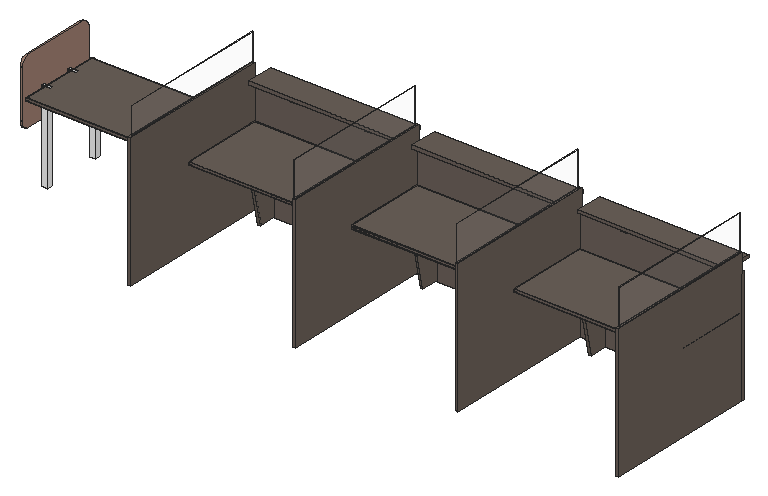
Revit family "OFS TYPICAL T200032", category Furniture, Revit 2022 (continued)
Definition of nested family "STAKS WORKSURFACE EDGE MODESTY TFL WOOD GRAIN AND TFL SOLID COLORS Round Corners"
  Dimensions and locks (in)
    equal spacing: plane 3 "LEFT", plane 8 "CENTER", plane 5 "RIGHT"
    equal spacing: plane 9, plane 2 "Center (Front/Back)", plane 7
    "Width": plane 3 "LEFT" to plane 5 "RIGHT"
    "Depth": plane 9 to plane 7
    aligned and locked: level to plane 1
    aligned and locked: Extrusion 1 sketch curve to plane 4 "BASE TOP"
    aligned and locked: plane 3 "LEFT" to Extrusion 1 sketch curve
    aligned and locked: Extrusion 1 sketch curve to plane 5 "RIGHT"
    aligned and locked: Extrusion 1 to plane 6
    aligned and locked: Extrusion 1 to plane 7
    aligned and locked: Extrusion 1 to plane 9
  Automatic sketch dimensions
    plane 3 "LEFT" to Extrusion 1 sketch curve = 0' - 3"  (x2)
    Extrusion 1 sketch curve to level = 0' - 0"
    Extrusion 1 sketch curve to plane 5 "RIGHT" = 0' - 3"  (x2)
Definition of nested family "STAKS BENCHING RECTANGULAR WORKSURFACES"
  Parameters (values of type "STAKS BENCHING RECTANGULAR WORKSURFACE 48 X 22")
    URL = "https://www.ofs.com/"
    SURFACE DEPTH = 1' - 10"
    Model = "6-MCT-48/22"
    Manufacturer = "OFS"
    Description = "OFS STAKS BENCHING 48 X 22 RECTANGULAR WORKSURFACE"
    SURFACE WIDTH = 4' - 0"
    Default Elevation = 0' - 0"
    Copyright © = "© 2018 OFS"
    Catalog = "https://ofs.com/products/open-plan/benching/staks"
    Authoring Version = "Autodesk Revit Architecture 2013"
    Assembly Code = "E2020200"
  Types (21): name | SURFACE DEPTH | Model | Description | SURFACE WIDTH
    STAKS BENCHING RECTANGULAR WORKSURFACE 48 X 22 | 1' - 10" | "6-MCT-48/22" | "OFS STAKS BENCHING 48 X 22 RECTANGULAR WORKSURFACE" | 4' - 0"
    STAKS BENCHING RECTANGULAR WORKSURFACE 60 X 22 | 1' - 10" | "6-MCT-60/22" | "OFS STAKS BENCHING 60 X 22 RECTANGULAR WORKSURFACE" | 5' - 0"
    STAKS BENCHING RECTANGULAR WORKSURFACE 72 X 22 | 1' - 10" | "6-MCT-72/22" | "OFS STAKS BENCHING 72 X 22 RECTANGULAR WORKSURFACE" | 6' - 0"
    STAKS BENCHING RECTANGULAR WORKSURFACE 60 X 36 | 3' - 0" | "6-MCT-60/36" | "OFS STAKS BENCHING 60 X 36 RECTANGULAR WORKSURFACE" | 5' - 0"
    STAKS BENCHING RECTANGULAR WORKSURFACE 72 X 36 | 3' - 0" | "6-MCT-72/36" | "OFS STAKS BENCHING 72 X 36 RECTANGULAR WORKSURFACE" | 6' - 0"
    STAKS BENCHING RECTANGULAR WORKSURFACE 60 X 30 | 2' - 6" | "6-MCT-60/30" | "OFS STAKS BENCHING 60 X 30 RECTANGULAR WORKSURFACE" | 5' - 0"
    STAKS BENCHING RECTANGULAR WORKSURFACE 72 X 30 | 2' - 6" | "6-MCT-72/30" | "OFS STAKS BENCHING 72 X 30 RECTANGULAR WORKSURFACE" | 6' - 0"
    STAKS BENCHING RECTANGULAR WORKSURFACE 48 X 30 | 2' - 6" | "6-MCT-48/30" | "OFS STAKS BENCHING 48 X 30 RECTANGULAR WORKSURFACE" | 4' - 0"
    STAKS BENCHING RECTANGULAR WORKSURFACE 48 X 36 | 3' - 0" | "6-MCT-48/36" | "OFS STAKS BENCHING 48 X 36 RECTANGULAR WORKSURFACE" | 4' - 0"
    STAKS BENCHING RECTANGULAR WORKSURFACE 54 X 22 | 1' - 10" | "6-MCT-54/22" | "OFS STAKS BENCHING 54 X 22 RECTANGULAR WORKSURFACE" | 4' - 6"
    STAKS BENCHING RECTANGULAR WORKSURFACE 66 X 22 | 1' - 10" | "6-MCT-66/22" | "OFS STAKS BENCHING 66 X 22 RECTANGULAR WORKSURFACE" | 5' - 6"
    STAKS BENCHING RECTANGULAR WORKSURFACE 78 X 22 | 1' - 10" | "6-MCT-78/22" | "OFS STAKS BENCHING 78 X 22 RECTANGULAR WORKSURFACE" | 6' - 6"
    STAKS BENCHING RECTANGULAR WORKSURFACE 84 X 22 | 1' - 10" | "6-MCT-84/22" | "OFS STAKS BENCHING 84 X 22 RECTANGULAR WORKSURFACE" | 7' - 0"
    STAKS BENCHING RECTANGULAR WORKSURFACE 54 X 30 | 2' - 6" | "6-MCT-54/30" | "OFS STAKS BENCHING 54 X 30 RECTANGULAR WORKSURFACE" | 4' - 6"
    STAKS BENCHING RECTANGULAR WORKSURFACE 66 X 30 | 2' - 6" | "6-MCT-66/30" | "OFS STAKS BENCHING 66 X 30 RECTANGULAR WORKSURFACE" | 5' - 6"
    STAKS BENCHING RECTANGULAR WORKSURFACE 78 X 30 | 2' - 6" | "6-MCT-78/30" | "OFS STAKS BENCHING 78 X 30 RECTANGULAR WORKSURFACE" | 6' - 6"
    STAKS BENCHING RECTANGULAR WORKSURFACE 84 X 30 | 2' - 6" | "6-MCT-84/30" | "OFS STAKS BENCHING 84 X 30 RECTANGULAR WORKSURFACE" | 7' - 0"
    STAKS BENCHING RECTANGULAR WORKSURFACE 54 X 36 | 3' - 0" | "6-MCT-54/36" | "OFS STAKS BENCHING 54 X 36 RECTANGULAR WORKSURFACE" | 4' - 6"
    STAKS BENCHING RECTANGULAR WORKSURFACE 66 X 36 | 3' - 0" | "6-MCT-66/36" | "OFS STAKS BENCHING 66 X 36 RECTANGULAR WORKSURFACE" | 5' - 6"
    STAKS BENCHING RECTANGULAR WORKSURFACE 78 X 36 | 3' - 0" | "6-MCT-78/36" | "OFS STAKS BENCHING 78 X 36 RECTANGULAR WORKSURFACE" | 6' - 6"
    STAKS BENCHING RECTANGULAR WORKSURFACE 84 X 36 | 3' - 0" | "6-MCT-84/36" | "OFS STAKS BENCHING 84 X 36 RECTANGULAR WORKSURFACE" | 6' - 6"
  Reference planes (in)
    plane 1: z = -0.125
    plane 2 "LEFT": x = 7.55498
    plane 3 "RIGHT": x = 55.55498
    plane 4 "BACK": y = -1.83365
    plane 5 "FRONT": y = -23.83365
    plane 6: x = 7.67998
    plane 7: x = 55.42998
    plane 8: y = -1.95865
    plane 9: y = -23.70865
    plane 10: z = 27.75
    plane 11 "SURFACE TOP": z = 28.875
  Forms (in)
    Extrusion 1, solid
      sketch origin (0, 0, 17.125) x (-1, 0, 0) y (0, -1, 0)
        loop
          line (-7.67998, 1.95865) -> (-7.67998, 23.70865) -> (-55.42998, 23.70865) -> (-55.42998, 1.95865) -> (-7.67998, 1.95865)
      from 11.75 to 10.625
    Sweep 2, solid
      path origin (0, 0, 28.875) x (0, 1, 0) y (-1, 0, 0)
        loop
          line (-23.83365, -7.55498) -> (-23.83365, -55.55498) -> (-1.83365, -55.55498) -> (-1.83365, -7.55498) -> (-23.83365, -7.55498)
      profile origin (31.55498, -23.83365, 28.875) x (0, 1, 0) y (0, 0, 1)
        loop
          arc (0.125, 0) -> (0.03661, -0.03661) -> (0, -0.125) r 0.125
          line (0, -0.125) -> (0, -1)
          arc (0, -1) -> (0.03661, -1.08839) -> (0.125, -1.125) r 0.125
          line (0.125, -1.125) -> (0.125, 0)
  Lines and regions (in)
    Masking region 1
      outline origin (0, 0, 16.625) x (-1, 0, 0) y (0, -1, 0)
        loop
          line (-7.67998, 1.95865) -> (-7.55498, 1.83365) -> (-7.55498, 23.83365) -> (-7.67998, 23.70865) -> (-7.67998, 1.95865)
    Masking region 2
      outline origin (0, 0, 16.625) x (-1, 0, 0) y (0, -1, 0)
        loop
          line (-7.55498, 1.83365) -> (-7.67998, 1.95865) -> (-55.42998, 1.95865) -> (-55.55498, 1.83365) -> (-7.55498, 1.83365)
    Masking region 3
      outline origin (0, 0, 16.625) x (-1, 0, 0) y (0, -1, 0)
        loop
          line (-55.55498, 1.83365) -> (-55.42998, 1.95865) -> (-55.42998, 23.70865) -> (-55.55498, 23.83365) -> (-55.55498, 1.83365)
    Masking region 4
      outline origin (0, 0, 16.625) x (-1, 0, 0) y (0, -1, 0)
        loop
          line (-55.55498, 23.83365) -> (-55.42998, 23.70865) -> (-7.67998, 23.70865) -> (-7.55498, 23.83365) -> (-55.55498, 23.83365)
    Masking region 5
      outline origin (0, 0, 16.625) x (-1, 0, 0) y (0, -1, 0)
        loop
          line (-55.42998, 23.70865) -> (-55.42998, 1.95865) -> (-7.67998, 1.95865) -> (-7.67998, 23.70865) -> (-55.42998, 23.70865)
  Dimensions and locks (in)
    "SURFACE DEPTH": plane 4 "BACK" to plane 5 "FRONT"
    "SURFACE WIDTH": plane 2 "LEFT" to plane 3 "RIGHT"
    locked: plane 11 "SURFACE TOP" to plane 10 at 1.125
    locked: plane 4 "BACK" to plane 8 at 0.125
    locked: plane 2 "LEFT" to plane 6 at 0.125
    locked: plane 7 to plane 3 "RIGHT" at 0.125
    locked: plane 9 to plane 5 "FRONT" at 0.125
    aligned: level to plane 1
    aligned and locked: plane 8 to Extrusion 1 sketch curve
    aligned and locked: Extrusion 1 sketch curve to plane 6
    aligned and locked: Extrusion 1 sketch curve to plane 9
    aligned and locked: plane 7 to Extrusion 1 sketch curve
    aligned and locked: plane 11 "SURFACE TOP" to Extrusion 1
    aligned and locked: Extrusion 1 to plane 10
    aligned and locked: Sweep 2 sketch curve to plane 5 "FRONT"
    aligned and locked: Sweep 2 sketch curve to plane 2 "LEFT"
    aligned and locked: plane 4 "BACK" to Sweep 2 sketch curve
    aligned and locked: plane 3 "RIGHT" to Sweep 2 sketch curve
  Automatic sketch dimensions
    Masking region 1 sketch curve to plane 6 = 0' - 0"
    Masking region 1 sketch curve to plane 2 "LEFT" = 0' - 0"
    Masking region 1 sketch curve to plane 4 "BACK" = 0' - 0"
    Masking region 1 sketch curve to plane 8 = 0' - 0"
    Masking region 1 sketch curve to plane 9 = 0' - 0"
    Masking region 1 sketch curve to plane 5 "FRONT" = 0' - 0"
    Masking region 2 sketch curve to plane 3 "RIGHT" = 0' - 0"
    Masking region 2 sketch curve to plane 7 = 0' - 0"
    Masking region 2 sketch curve to plane 6 = 0' - 0"
    Masking region 2 sketch curve to plane 2 "LEFT" = 0' - 0"
    Masking region 2 sketch curve to plane 4 "BACK" = 0' - 0"
    Masking region 2 sketch curve to plane 8 = 0' - 0"
    Masking region 3 sketch curve to plane 3 "RIGHT" = 0' - 0"
    Masking region 3 sketch curve to plane 7 = 0' - 0"
    Masking region 3 sketch curve to plane 4 "BACK" = 0' - 0"
    Masking region 3 sketch curve to plane 8 = 0' - 0"
    Masking region 3 sketch curve to plane 9 = 0' - 0"
    Masking region 3 sketch curve to plane 5 "FRONT" = 0' - 0"
    Masking region 4 sketch curve to plane 3 "RIGHT" = 0' - 0"
    Masking region 4 sketch curve to plane 7 = 0' - 0"
    Masking region 4 sketch curve to plane 6 = 0' - 0"
    Masking region 4 sketch curve to plane 2 "LEFT" = 0' - 0"
    Masking region 4 sketch curve to plane 9 = 0' - 0"
    Masking region 4 sketch curve to plane 5 "FRONT" = 0' - 0"
    Masking region 5 sketch curve to plane 7 = 0' - 0"
    Masking region 5 sketch curve to plane 6 = 0' - 0"
    Masking region 5 sketch curve to plane 8 = 0' - 0"
    Masking region 5 sketch curve to plane 9 = 0' - 0"
    Sweep 2 sketch curve to profile plane = 0' - 0"
    Sweep 2 sketch curve to plane 11 "SURFACE TOP" = 0' - 0"
    Sweep 2 sketch curve to profile plane = 0' - 0 1/8"
    Sweep 2 sketch curve to Sweep 2 sketch curve = 0' - 0 7/8"
Definition of nested family "STAKS SPINE OR DIVIDER WALL 42in"
  Parameters (values of type "STAKS SPINE OR DIVIDER WALL 42in X 24in")
    URL = "http://www.ofs.com/"
    Height Above Floor [instance] = 3' - 6"
    Height = 3' - 6"
    Depth = 0' - 1"
    Model = "6-PAN-42/24"
    Manufacturer = "OFS"
    Description = "OFS STAKS SPINE OR DIVIDER WALL 42\" Height x 24\" Width, Levelers allow 2.5\" Height Adjustability for Uneven Floor"
    Width = 2' - 0"
    Default Elevation = 0' - 0"
    Copyright © = "© 2018 OFS"
    Catalog = "https://ofs.com/products/casegoods/private-office/staks"
    Authoring Version = "Autodesk Revit Architecture 2013"
    Assembly Code = "E2020200"
  Types (19): name | Model | Description | Width
    STAKS SPINE OR DIVIDER WALL 42in X 24in | "6-PAN-42/24" | "OFS STAKS SPINE OR DIVIDER WALL 42\" Height x 24\" Width, Levelers allow 2.5\" Height Adjustability for Uneven Floor" | 2' - 0"
    STAKS SPINE OR DIVIDER WALL 42in X 33in | "6-PAN-42/33" | "OFS STAKS SPINE OR DIVIDER WALL 42\" Height x 33\" Width, Levelers allow 2.5\" Height Adjustability for Uneven Floor" | 2' - 9"
    STAKS SPINE OR DIVIDER WALL 42in X 26in | "6-PAN-42/26" | "OFS STAKS SPINE OR DIVIDER WALL 42\" Height x 26\" Width, Levelers allow 2.5\" Height Adjustability for Uneven Floor" | 2' - 2"
    STAKS SPINE OR DIVIDER WALL 42in X 30in | "6-PAN-42/30" | "OFS STAKS SPINE OR DIVIDER WALL 42\" Height x 30\" Width, Levelers allow 2.5\" Height Adjustability for Uneven Floor" | 2' - 6"
    STAKS SPINE OR DIVIDER WALL 42in X 36in | "6-PAN-42/36" | "OFS STAKS SPINE OR DIVIDER WALL 42\" Height x 36\" Width, Levelers allow 2.5\" Height Adjustability for Uneven Floor" | 3' - 0"
    STAKS SPINE OR DIVIDER WALL 42in X 37in | "6-PAN-42/37" | "OFS STAKS SPINE OR DIVIDER WALL 42\" Height x 37\" Width, Levelers allow 2.5\" Height Adjustability for Uneven Floor" | 3' - 1"
    STAKS SPINE OR DIVIDER WALL 42in X 39in | "6-PAN-42/39" | "OFS STAKS SPINE OR DIVIDER WALL 42\" Height x 39\" Width, Levelers allow 2.5\" Height Adjustability for Uneven Floor" | 3' - 3"
    STAKS SPINE OR DIVIDER WALL 42in X 40in | "6-PAN-42/40" | "OFS STAKS SPINE OR DIVIDER WALL 42\" Height x 40\" Width, Levelers allow 2.5\" Height Adjustability for Uneven Floor" | 3' - 4"
    STAKS SPINE OR DIVIDER WALL 42in X 42in | "6-PAN-42/42" | "OFS STAKS SPINE OR DIVIDER WALL 42\" Height x 42\" Width, Levelers allow 2.5\" Height Adjustability for Uneven Floor" | 3' - 6"
    STAKS SPINE OR DIVIDER WALL 42in X 44in | "6-PAN-42/44" | "OFS STAKS SPINE OR DIVIDER WALL 42\" Height x 44\" Width, Levelers allow 2.5\" Height Adjustability for Uneven Floor" | 3' - 8"
    STAKS SPINE OR DIVIDER WALL 42in X 45in | "6-PAN-42/45" | "OFS STAKS SPINE OR DIVIDER WALL 42\" Height x 45\" Width, Levelers allow 2.5\" Height Adjustability for Uneven Floor" | 3' - 9"
    STAKS SPINE OR DIVIDER WALL 42in X 47in | "6-PAN-42/47" | "OFS STAKS SPINE OR DIVIDER WALL 42\" Height x 47\" Width, Levelers allow 2.5\" Height Adjustability for Uneven Floor" | 3' - 11"
    STAKS SPINE OR DIVIDER WALL 42in X 48in | "6-PAN-42/48" | "OFS STAKS SPINE OR DIVIDER WALL 42\" Height x 48\" Width, Levelers allow 2.5\" Height Adjustability for Uneven Floor" | 4' - 0"
    STAKS SPINE OR DIVIDER WALL 42in X 49in | "6-PAN-42/49" | "OFS STAKS SPINE OR DIVIDER WALL 42\" Height x 49\" Width, Levelers allow 2.5\" Height Adjustability for Uneven Floor" | 4' - 1"
    STAKS SPINE OR DIVIDER WALL 42in X 52in | "6-PAN-42/52" | "OFS STAKS SPINE OR DIVIDER WALL 42\" Height x 52\" Width, Levelers allow 2.5\" Height Adjustability for Uneven Floor" | 4' - 4"
    STAKS SPINE OR DIVIDER WALL 42in X 54in | "6-PAN-42/54" | "OFS STAKS SPINE OR DIVIDER WALL 42\" Height x 54\" Width, Levelers allow 2.5\" Height Adjustability for Uneven Floor" | 4' - 6"
    STAKS SPINE OR DIVIDER WALL 42in X 56in | "6-PAN-42/56" | "OFS STAKS SPINE OR DIVIDER WALL 42\" Height x 56\" Width, Levelers allow 2.5\" Height Adjustability for Uneven Floor" | 4' - 8"
    STAKS SPINE OR DIVIDER WALL 42in X 58in | "6-PAN-42/58" | "OFS STAKS SPINE OR DIVIDER WALL 42\" Height x 58\" Width, Levelers allow 2.5\" Height Adjustability for Uneven Floor" | 4' - 10"
    STAKS SPINE OR DIVIDER WALL 42in X 59in | "6-PAN-42/59" | "OFS STAKS SPINE OR DIVIDER WALL 42\" Height x 59\" Width, Levelers allow 2.5\" Height Adjustability for Uneven Floor" | 4' - 11"
  Reference planes (in)
    plane 1: z = -0.125
    plane 2 "LEFT": x = 7.55498
    plane 3 "RIGHT": x = 31.55498
    plane 4 "BACK": y = -1.83365
    plane 5 "FRONT": y = -2.83365
    plane 6: x = 7.67998
    plane 7: x = 31.42998
    plane 8: y = -1.95865
    plane 9: y = -2.70865
    plane 10: z = -0.125
    plane 11 "SURFACE TOP": z = 41.875
  Forms (in)
    Extrusion 1, solid
      sketch origin (0, 0, 17.125) x (-1, 0, 0) y (0, -1, 0)
        loop
          line (-7.55498, 1.83365) -> (-7.55498, 2.83365) -> (-31.55498, 2.83365) -> (-31.55498, 1.83365) -> (-7.55498, 1.83365)
      from 24.75 to -17.25
  Lines and regions (in)
    symbolic lines
      curve 1: line (7.55498, -1.83365, 41.875) -> (31.55498, -1.83365, 41.875)
      curve 2: line (7.55498, -2.83365, 41.875) -> (7.55498, -1.83365, 41.875)
      curve 3: line (31.55498, -2.83365, 41.875) -> (7.55498, -2.83365, 41.875)
      curve 4: line (31.55498, -1.83365, 41.875) -> (31.55498, -2.83365, 41.875)
  Dimensions and locks (in)
    "Depth": plane 4 "BACK" to plane 5 "FRONT"
    "Width": plane 2 "LEFT" to plane 3 "RIGHT"
    "Height": plane 11 "SURFACE TOP" to plane 10
    locked: plane 4 "BACK" to plane 8 at 0.125
    locked: plane 2 "LEFT" to plane 6 at 0.125
    locked: plane 7 to plane 3 "RIGHT" at 0.125
    locked: plane 9 to plane 5 "FRONT" at 0.125
    "Height Above Floor": plane 11 "SURFACE TOP" to level
    aligned: level to plane 1
    aligned and locked: plane 11 "SURFACE TOP" to Extrusion 1
    aligned and locked: Extrusion 1 to plane 10
    aligned and locked: plane 4 "BACK" to Extrusion 1 sketch curve
    aligned and locked: Extrusion 1 sketch curve to plane 2 "LEFT"
    aligned and locked: Extrusion 1 sketch curve to plane 5 "FRONT"
    aligned and locked: plane 3 "RIGHT" to Extrusion 1 sketch curve
    aligned and locked: curve 1 to Extrusion 1
    aligned and locked: curve 2 to Extrusion 1
    aligned and locked: curve 3 to Extrusion 1
    aligned and locked: curve 4 to Extrusion 1
Definition of nested family "STAKS SPINE OR DIVIDER WALL 48in"
  Parameters (values of type "STAKS SPINE OR DIVIDER WALL 48in X 24in")
    URL = "http://www.ofs.com/"
    Height Above Floor [instance] = 4' - 0"
    Height = 4' - 0"
    Depth = 0' - 1"
    Model = "6-PAN-48/24"
    Manufacturer = "OFS"
    Description = "OFS STAKS SPINE OR DIVIDER WALL 48\" Height x 24\" Width, Levelers allow 2.5\" Height Adjustability for Uneven Floor"
    Width = 2' - 0"
    Default Elevation = 0' - 0"
    Copyright © = "© 2018 OFS"
    Catalog = "https://ofs.com/products/casegoods/private-office/staks"
    Authoring Version = "Autodesk Revit Architecture 2013"
    Assembly Code = "E2020200"
  Types (19): name | Model | Description | Width
    STAKS SPINE OR DIVIDER WALL 48in X 24in | "6-PAN-48/24" | "OFS STAKS SPINE OR DIVIDER WALL 48\" Height x 24\" Width, Levelers allow 2.5\" Height Adjustability for Uneven Floor" | 2' - 0"
    STAKS SPINE OR DIVIDER WALL 48in X 33in | "6-PAN-48/33" | "OFS STAKS SPINE OR DIVIDER WALL 48\" Height x 33\" Width, Levelers allow 2.5\" Height Adjustability for Uneven Floor" | 2' - 9"
    STAKS SPINE OR DIVIDER WALL 48in X 26in | "6-PAN-48/26" | "OFS STAKS SPINE OR DIVIDER WALL 48\" Height x 26\" Width, Levelers allow 2.5\" Height Adjustability for Uneven Floor" | 2' - 2"
    STAKS SPINE OR DIVIDER WALL 48in X 30in | "6-PAN-48/30" | "OFS STAKS SPINE OR DIVIDER WALL 48\" Height x 30\" Width, Levelers allow 2.5\" Height Adjustability for Uneven Floor" | 2' - 6"
    STAKS SPINE OR DIVIDER WALL 48in X 36in | "6-PAN-48/36" | "OFS STAKS SPINE OR DIVIDER WALL 48\" Height x 36\" Width, Levelers allow 2.5\" Height Adjustability for Uneven Floor" | 3' - 0"
    STAKS SPINE OR DIVIDER WALL 48in X 37in | "6-PAN-48/37" | "OFS STAKS SPINE OR DIVIDER WALL 48\" Height x 37\" Width, Levelers allow 2.5\" Height Adjustability for Uneven Floor" | 3' - 1"
    STAKS SPINE OR DIVIDER WALL 48in X 39in | "6-PAN-48/39" | "OFS STAKS SPINE OR DIVIDER WALL 48\" Height x 39\" Width, Levelers allow 2.5\" Height Adjustability for Uneven Floor" | 3' - 3"
    STAKS SPINE OR DIVIDER WALL 48in X 40in | "6-PAN-48/40" | "OFS STAKS SPINE OR DIVIDER WALL 48\" Height x 40\" Width, Levelers allow 2.5\" Height Adjustability for Uneven Floor" | 3' - 4"
    STAKS SPINE OR DIVIDER WALL 48in X 42in | "6-PAN-48/42" | "OFS STAKS SPINE OR DIVIDER WALL 48\" Height x 42\" Width, Levelers allow 2.5\" Height Adjustability for Uneven Floor" | 3' - 6"
    STAKS SPINE OR DIVIDER WALL 48in X 44in | "6-PAN-48/44" | "OFS STAKS SPINE OR DIVIDER WALL 48\" Height x 44\" Width, Levelers allow 2.5\" Height Adjustability for Uneven Floor" | 3' - 8"
    STAKS SPINE OR DIVIDER WALL 48in X 45in | "6-PAN-48/45" | "OFS STAKS SPINE OR DIVIDER WALL 48\" Height x 45\" Width, Levelers allow 2.5\" Height Adjustability for Uneven Floor" | 3' - 9"
    STAKS SPINE OR DIVIDER WALL 48in X 47in | "6-PAN-48/47" | "OFS STAKS SPINE OR DIVIDER WALL 48\" Height x 47\" Width, Levelers allow 2.5\" Height Adjustability for Uneven Floor" | 3' - 11"
    STAKS SPINE OR DIVIDER WALL 48in X 48in | "6-PAN-48/48" | "OFS STAKS SPINE OR DIVIDER WALL 48\" Height x 48\" Width, Levelers allow 2.5\" Height Adjustability for Uneven Floor" | 4' - 0"
    STAKS SPINE OR DIVIDER WALL 48in X 49in | "6-PAN-48/49" | "OFS STAKS SPINE OR DIVIDER WALL 48\" Height x 49\" Width, Levelers allow 2.5\" Height Adjustability for Uneven Floor" | 4' - 1"
    STAKS SPINE OR DIVIDER WALL 48in X 52in | "6-PAN-48/52" | "OFS STAKS SPINE OR DIVIDER WALL 48\" Height x 52\" Width, Levelers allow 2.5\" Height Adjustability for Uneven Floor" | 4' - 4"
    STAKS SPINE OR DIVIDER WALL 48in X 54in | "6-PAN-48/54" | "OFS STAKS SPINE OR DIVIDER WALL 48\" Height x 54\" Width, Levelers allow 2.5\" Height Adjustability for Uneven Floor" | 4' - 6"
    STAKS SPINE OR DIVIDER WALL 48in X 56in | "6-PAN-48/56" | "OFS STAKS SPINE OR DIVIDER WALL 48\" Height x 56\" Width, Levelers allow 2.5\" Height Adjustability for Uneven Floor" | 4' - 8"
    STAKS SPINE OR DIVIDER WALL 48in X 58in | "6-PAN-48/58" | "OFS STAKS SPINE OR DIVIDER WALL 48\" Height x 58\" Width, Levelers allow 2.5\" Height Adjustability for Uneven Floor" | 4' - 10"
    STAKS SPINE OR DIVIDER WALL 48in X 59in | "6-PAN-48/59" | "OFS STAKS SPINE OR DIVIDER WALL 48\" Height x 59\" Width, Levelers allow 2.5\" Height Adjustability for Uneven Floor" | 4' - 11"
  Reference planes (in)
    plane 1: z = -0.125
    plane 2 "LEFT": x = 7.55498
    plane 3 "RIGHT": x = 31.55498
    plane 4 "BACK": y = -1.83365
    plane 5 "FRONT": y = -2.83365
    plane 6: x = 7.67998
    plane 7: x = 31.42998
    plane 8: y = -1.95865
    plane 9: y = -2.70865
    plane 10: z = -0.125
    plane 11 "SURFACE TOP": z = 47.875
  Forms (in)
    Extrusion 1, solid
      sketch origin (0, 0, 17.125) x (-1, 0, 0) y (0, -1, 0)
        loop
          line (-7.55498, 1.83365) -> (-7.55498, 2.83365) -> (-31.55498, 2.83365) -> (-31.55498, 1.83365) -> (-7.55498, 1.83365)
      from 30.75 to -17.25
  Lines and regions (in)
    symbolic lines
      curve 1: line (7.55498, -1.83365, 47.875) -> (31.55498, -1.83365, 47.875)
      curve 2: line (7.55498, -2.83365, 47.875) -> (7.55498, -1.83365, 47.875)
      curve 3: line (31.55498, -2.83365, 47.875) -> (7.55498, -2.83365, 47.875)
      curve 4: line (31.55498, -1.83365, 47.875) -> (31.55498, -2.83365, 47.875)
  Dimensions and locks (in)
    "Depth": plane 4 "BACK" to plane 5 "FRONT"
    "Width": plane 2 "LEFT" to plane 3 "RIGHT"
    "Height": plane 11 "SURFACE TOP" to plane 10
    locked: plane 4 "BACK" to plane 8 at 0.125
    locked: plane 2 "LEFT" to plane 6 at 0.125
    locked: plane 7 to plane 3 "RIGHT" at 0.125
    locked: plane 9 to plane 5 "FRONT" at 0.125
    "Height Above Floor": plane 11 "SURFACE TOP" to level
    aligned: level to plane 1
    aligned and locked: plane 11 "SURFACE TOP" to Extrusion 1
    aligned and locked: Extrusion 1 to plane 10
    aligned and locked: plane 4 "BACK" to Extrusion 1 sketch curve
    aligned and locked: Extrusion 1 sketch curve to plane 2 "LEFT"
    aligned and locked: Extrusion 1 sketch curve to plane 5 "FRONT"
    aligned and locked: plane 3 "RIGHT" to Extrusion 1 sketch curve
    aligned and locked: curve 1 to Extrusion 1
    aligned and locked: curve 2 to Extrusion 1
    aligned and locked: curve 3 to Extrusion 1
    aligned and locked: curve 4 to Extrusion 1
Definition of nested family "OFS RANGE BRACKETS FOR WORKSURFACE EDGE MODESTY WOOD AND TFL PANEL"
  Parameters (values of type "BRACKETS FOR WORKSURFACE EDGE MODESTY Wood and TFL Panel")
    Width = 0' - 1"
    URL = "http://www.ofs.com/"
    Height from Floor = 2' - 6"
    Height = 0' - 2 1/2"
    Model = "WEBKT-2"
    Manufacturer = "CAROLINA"
    Description = "OFS CAROLINA RANGE BRACKETS FOR WORKSURFACE EDGE MODESTY Wood and TLF Panel, the Brackets are Not Visible from the Approach Side"
    Depth = 0' - 3 1/4"
    Default Elevation = 0' - 0"
    Copyright © = "© 2019 OFS"
    Catalog = "https://ofs.com/products/open-plan/benching/range"
    Authoring Version = "Autodesk Revit Architecture 2015"
    Assembly Code = "E2020200"
    Surface Material = none
  Reference planes (in)
    plane 1 "Center (Front/Back)": y = 0
    plane 2: z = 0
    plane 3 "Center (Left/Right)": x = 0
    plane 4: x = 0.5
    plane 5: x = -0.5
    plane 6: y = 0.25
    plane 7: y = -3
    plane 8: z = 30
    plane 9: z = 32.5
    plane 10: y = -1.25
  Forms (in)
    Extrusion 1, solid, material <- "Surface Material"
      sketch origin (0, 0, 0) x (0, 1, 0) y (0, 0, 1)
        loop
          line (0, 32.5) -> (-3, 32.5) -> (-3, 32.375) -> (-1.25, 32.375) -> (-1.25, 31.125) -> (-3, 31.125) -> (-3, 31) -> (-1.25, 31) -> (-1.25, 30) -> (0, 30) -> (0, 32.5)
        loop
          line (-0.125, 32.375) -> (-1.125, 32.375) -> (-1.125, 30.125) -> (-0.125, 30.125) -> (-0.125, 32.375)
      from -0.5 to 0.5
    Extrusion 2, void
      sketch origin (0, 0, 0) x (1, 0, 0) y (0, 0, 1)
        loop
          circle (0, 30.5625) r 0.1875
        loop
          circle (0, 31.6875) r 0.1875
      from 0.83423 to 1.60927
    Extrusion 3, solid, material <- "Surface Material"
      sketch origin (0, 0, 0) x (1, 0, 0) y (0, 0, 1)
        loop
          circle (0, 30.5625) r 0.0625
        loop
          circle (0, 31.6875) r 0.0625
      from 0 to -0.25
    Extrusion 4, solid, material <- "Surface Material"
      sketch origin (0, 0, 0) x (1, 0, 0) y (0, 1, 0)
        loop
          circle (0, -2.15157) r 0.125
      from 31.125 to 31.5
  Cuts and joins
    Extrusion 2 cuts Extrusion 1
  Dimensions and locks (in)
    equal spacing: plane 5, plane 3 "Center (Left/Right)", plane 4
    "Width": plane 5 to plane 4
    plane 1 "Center (Front/Back)" to plane 7 = 0' - 3"
    "Height": plane 9 to plane 8
    "Height from Floor": plane 8 to level
    plane 1 "Center (Front/Back)" to plane 6 = 0' - 0 1/4"
    aligned and locked: level to plane 2
    aligned and locked: plane 9 to Extrusion 1 sketch curve
    aligned and locked: Extrusion 1 sketch curve to plane 1 "Center (Front/Back)"
    aligned and locked: Extrusion 1 sketch curve to plane 8
    aligned and locked: plane 10 to Extrusion 1 sketch curve
    aligned and locked: Extrusion 1 sketch curve to plane 7
    aligned and locked: plane 5 to Extrusion 1
    aligned and locked: plane 4 to Extrusion 1
    aligned and locked: Extrusion 3 to plane 1 "Center (Front/Back)"
    aligned and locked: plane 6 to Extrusion 3
  Automatic sketch dimensions
    Extrusion 1 sketch curve to plane 10 = 0' - 0"
    plane 8 to Extrusion 1 sketch curve = 0' - 0 1/8"
    Extrusion 1 sketch curve to plane 7 = 0' - 0"
    Extrusion 1 sketch curve to plane 10 = 0' - 0 1/8"
    plane 1 "Center (Front/Back)" to Extrusion 1 sketch curve = 0' - 0 1/8"
    Extrusion 1 sketch curve to Extrusion 1 sketch curve = 0' - 0 7/8"
    Extrusion 1 sketch curve to Extrusion 1 sketch curve = 0' - 0 1/8"
    Extrusion 1 sketch curve to plane 9 = 0' - 0 1/8"  (x2)
    Extrusion 2 sketch curve to plane 3 "Center (Left/Right)" = 0' - 0"  (x2)
    plane 8 to Extrusion 2 sketch curve = 0' - 0 9/16"
    Extrusion 2 sketch curve to plane 9 = 0' - 0 13/16"
    Extrusion 3 sketch curve to plane 3 "Center (Left/Right)" = 0' - 0"  (x2)
    plane 8 to Extrusion 3 sketch curve = 0' - 0 9/16"
    Extrusion 3 sketch curve to plane 9 = 0' - 0 13/16"
    Extrusion 4 sketch curve to plane 3 "Center (Left/Right)" = 0' - 0"
    Extrusion 4 sketch curve to plane 7 = 0' - 0.84843"
    radius of Extrusion 2 sketch curve = 0' - 0 3/16"  (x2)
    radius of Extrusion 3 sketch curve = 0' - 0 1/16"  (x2)
    radius of Extrusion 4 sketch curve = 0' - 0 1/8"
Definition of nested family "STAKS BENCHING CANTILEVER WORKSURFACE BRACKET - MINI CONCEALED"
  Parameters (values of type "STAKS CANTILEVER WORKSURFACE BRACKET - MINI CONCEALED")
    Width = 0' - 1 1/2"
    URL = "http://www.ofs.com/"
    Model = "WSBKTC"
    Manufacturer = "OFS"
    Height From Floor = 2' - 3 7/8"
    Height = 0' - 3 1/2"
    Description = "OFS STAKS BENCHING CANTILEVER WORKSURFACE BRACKET - Low Profile Concealed Cantilever Bracket"
    Depth = 0' - 3 1/2"
    Default Elevation = 0' - 0"
    Copyright © = "© 2018 OFS"
    Catalog = "https://ofs.com/products/open-plan/benching/staks"
    Bracket Material = none
    Authoring Version = "Autodesk Revit Architecture 2013"
    Assembly Code = "E2020200"
  Reference planes (in)
    plane 1: z = 0
    plane 2 "Center (Front/Back)": y = 1.12535
    plane 3 "LEFT": x = -17.25
    plane 4 "BASE TOP": z = 27.875
    plane 5 "RIGHT": x = -15.75
    plane 6: z = 24.375
    plane 7: y = 2.87535
    plane 8 "CENTER": x = -16.5
    plane 9: y = -0.62465
    plane 10: z = 26.875
    plane 11: y = 1.87535
    plane 12: z = 24.875
    plane 13: y = -0.12465
    plane 14: x = -16.375
    plane 15: x = -16.625
    plane 16: y = 0.50035
  Forms (in)
    Extrusion 1, solid, material <- "Bracket Material"
      sketch origin (-16.5, 0, 0) x (0, 1, 0) y (0, 0, 1)
        loop
          line (-0.62465, 27.875) -> (-0.62465, 27.82031) -> (1.8527, 27.82031) -> (2.82066, 26.85235) -> (2.82066, 24.375) -> (2.87535, 24.375) -> (2.87535, 26.875) -> (1.87535, 27.875) -> (-0.62465, 27.875)
      from -0.75 to 0.75
    Extrusion 2, void
      sketch origin (0, 1.12535, 0) x (1, 0, 0) y (0, 0, 1)
        loop
          circle (-16.99183, 26.15668) r 0.09375
        loop
          circle (-16.00817, 25.13628) r 0.09375
      from -1.75 to -1.1009
    Extrusion 3, void
      sketch origin (0, 0, 0) x (1, 0, 0) y (0, 1, 0)
        loop
          circle (-16.93617, 1.09413) r 0.09375
        loop
          circle (-16.06383, -0.12462) r 0.09375
      from 25.0365 to 29.23009
  Cuts and joins
    Extrusion 2, Extrusion 3 cuts Extrusion 1
  Dimensions and locks (in)
    "Height From Floor": plane 4 "BASE TOP" to plane 1
    "Height": plane 4 "BASE TOP" to plane 6
    equal spacing: plane 3 "LEFT", plane 8 "CENTER", plane 5 "RIGHT"
    equal spacing: plane 9, plane 2 "Center (Front/Back)", plane 7
    "Width": plane 3 "LEFT" to plane 5 "RIGHT"
    "Depth": plane 9 to plane 7
    locked: plane 4 "BASE TOP" to plane 10 at 1
    locked: plane 7 to plane 11 at 1
    locked: plane 13 to plane 9 at 0.5
    locked: plane 6 to plane 12 at 0.5
    plane 14 to plane 8 "CENTER" to plane 15 = 0' - 0 1/8" locked, 0' - 0 1/8" locked
    plane 16 to plane 13 = 0' - 0 5/8"
    aligned and locked: level to plane 1
    aligned and locked: plane 4 "BASE TOP" to Extrusion 1 sketch curve
    aligned and locked: plane 7 to Extrusion 1 sketch curve
    aligned and locked: plane 9 to Extrusion 1 sketch curve
    aligned and locked: plane 6 to Extrusion 1 sketch curve
    aligned and locked: Extrusion 1 to plane 3 "LEFT"
    aligned and locked: plane 5 "RIGHT" to Extrusion 1
    aligned and locked: Extrusion 2 to plane 7
  Automatic sketch dimensions
    plane 7 to Extrusion 1 sketch curve = 0' - 0 7/128"
    Extrusion 1 sketch curve to plane 11 = 0' - 0"
    plane 10 to Extrusion 1 sketch curve = 0' - 0"
    plane 11 to Extrusion 1 sketch curve = 0' - 0.02265"
    plane 10 to Extrusion 1 sketch curve = 0' - 0.02265"
    plane 4 "BASE TOP" to Extrusion 1 sketch curve = 0' - 0 7/128"
    Extrusion 3 sketch curve to Extrusion 3 sketch curve = 0' - 1 7/32"
    plane 3 "LEFT" to Extrusion 2 sketch curve = 0' - 0.25817"
    Extrusion 2 sketch curve to plane 5 "RIGHT" = 0' - 0.25817"
    Extrusion 2 sketch curve to plane 12 = 0' - 0.26128"
    Extrusion 2 sketch curve to Extrusion 2 sketch curve = 0' - 1.0204"
    plane 15 to Extrusion 3 sketch curve = 0' - 0.31117"
    plane 14 to Extrusion 3 sketch curve = 0' - 0.31117"
    Extrusion 3 sketch curve to plane 9 = 0' - 0.50003"
    radius of Extrusion 3 sketch curve = 0' - 0 3/32"  (x2)
    radius of Extrusion 2 sketch curve = 0' - 0 3/32"  (x2)
Definition of nested family "STAKS BENCHING CANTILEVER WORKSURFACE BRACKET - OPEN"
  Parameters (values of type "STAKS CANTILEVER WORKSURFACE BRACKET - OPEN 36in")
    Width = 0' - 1 1/2"
    URL = "http://www.ofs.com/"
    Model = "OWSBKT36"
    Manufacturer = "OFS"
    Height From Floor = 2' - 3 7/8"
    Height = 0' - 7"
    Description = "OFS STAKS BENCHING CANTILEVER WORKSURFACE BRACKET - Open Cantilever Worksurface Bracket for 36\"W Top"
    Depth = 2' - 4"
    Default Elevation = 0' - 0"
    Copyright © = "© 2018 OFS"
    Catalog = "https://ofs.com/products/open-plan/benching/staks"
    Bracket Material = none
    Authoring Version = "Autodesk Revit Architecture 2013"
    Assembly Code = "E2020200"
    Alpha = 0' - 1"
  Types (4): name | URL | Model | Manufacturer | Description | Depth | Copyright © | Catalog | Alpha
    CANTILEVER WORKSURFACE BRACKET - OPEN 14in | "http://www.ofsbrands.com/" | "OWSBKT14" | "FIRST OFFICE" | "OFS BRANDS FIRST OFFICE STAKS BENCHING CANTILEVER WORKSURFACE BRACKET - Open Cantilever Worksurface Bracket for 14\"W Top" | 0' - 11" | "© 2018 OFS BRANDS" | "http://www.firstoffice.com/products/crossover/staks_benching/" | 0' - 0 1/2"
    CANTILEVER WORKSURFACE BRACKET - OPEN 22in | "http://www.ofsbrands.com/" | "OWSBKT22" | "FIRST OFFICE" | "OFS BRANDS FIRST OFFICE STAKS BENCHING CANTILEVER WORKSURFACE BRACKET - Open Cantilever Worksurface Bracket for 22\"W Top" | 1' - 4" | "© 2018 OFS BRANDS" | "http://www.firstoffice.com/products/crossover/staks_benching/" | 0' - 0 5/8"
    CANTILEVER WORKSURFACE BRACKET - OPEN 30in | "http://www.ofsbrands.com/" | "OWSBKT30" | "FIRST OFFICE" | "OFS BRANDS FIRST OFFICE STAKS BENCHING CANTILEVER WORKSURFACE BRACKET - Open Cantilever Worksurface Bracket for 30\"W Top" | 1' - 10" | "© 2018 OFS BRANDS" | "http://www.firstoffice.com/products/crossover/staks_benching/" | 0' - 0 7/8"
    STAKS CANTILEVER WORKSURFACE BRACKET - OPEN 36in | "http://www.ofs.com/" | "OWSBKT36" | "OFS" | "OFS STAKS BENCHING CANTILEVER WORKSURFACE BRACKET - Open Cantilever Worksurface Bracket for 36\"W Top" | 2' - 4" | "© 2018 OFS" | "https://ofs.com/products/open-plan/benching/staks" | 0' - 1"
  Reference planes (in)
    plane 1: z = 0
    plane 2 "Center (Front/Back)": y = -11.12465
    plane 3 "LEFT": x = -17.25
    plane 4 "BASE TOP": z = 27.875
    plane 5 "RIGHT": x = -15.75
    plane 6: z = 20.875
    plane 7: y = 2.87535
    plane 8 "CENTER": x = -16.5
    plane 9: y = -25.12465
    plane 10: z = 25.875
    plane 11: y = 0.87535
    plane 12: z = 21.375
    plane 13: y = -24.62465
    plane 14: x = -16.375
    plane 15: x = -16.625
    plane 16: y = -23.62465
  Forms (in)
    Extrusion 1, solid, material <- "Bracket Material"
      sketch origin (-16.5, 0, 0) x (0, 1, 0) y (0, 0, 1)
        loop
          line (-25.12465, 27.875) -> (-25.12465, 27.82031) -> (0.8527, 27.82031) -> (2.82066, 25.85235) -> (2.82066, 20.875) -> (2.87535, 20.875) -> (2.87535, 25.875) -> (0.87535, 27.875) -> (-25.12465, 27.875)
      from -0.75 to 0.75
    Extrusion 2, solid
      sketch origin (-16.5, 0, 0) x (0, 1, 0) y (0, 0, 1)
        loop
          line (2.82066, 21.375) -> (2.82066, 21.66876) -> (-23.62465, 27.82031) -> (-24.62465, 27.82031) -> (2.82066, 21.375)
      from -0.125 to 0.125
    Extrusion 3, void
      sketch origin (0, -11.12465, 0) x (1, 0, 0) y (0, 0, 1)
        loop
          circle (-16.99183, 23.37543) r 0.09375
        loop
          circle (-16.99183, 25.56923) r 0.09375
        loop
          circle (-16.99183, 21.18077) r 0.09375
        loop
          line (-16.10192, 24.58008) -> (-16.10192, 24.41381)
          arc (-16.10192, 24.41381) -> (-16.00817, 24.32006) -> (-15.91442, 24.41381) r 0.09375
          line (-15.91442, 24.41381) -> (-15.91442, 24.58008)
          arc (-15.91442, 24.58008) -> (-16.00817, 24.67383) -> (-16.10192, 24.58008) r 0.09375
        loop
          arc (-16.10192, 22.16992) -> (-16.00817, 22.07617) -> (-15.91442, 22.16992) r 0.09375
          line (-15.91442, 22.16992) -> (-15.91442, 22.33619)
          arc (-15.91442, 22.33619) -> (-16.00817, 22.42994) -> (-16.10192, 22.33619) r 0.09375
          line (-16.10192, 22.33619) -> (-16.10192, 22.16992)
      from -14 to -3.47735
    Extrusion 4, void
      sketch origin (0, 0, 0) x (1, 0, 0) y (0, 1, 0)
        loop
          circle (-16.93617, 0.25038) r 0.09375
        loop
          circle (-16.06383, -1.74962) r 0.09375
        loop
          circle (-16.93617, -3.74962) r 0.09375
        loop
          circle (-16.06383, -5.74962) r 0.09375
        loop
          circle (-16.93617, -7.74962) r 0.09375
        loop
          circle (-16.06383, -9.74962) r 0.09375
        loop
          circle (-16.93617, -11.74962) r 0.09375
        loop
          circle (-16.06383, -13.74962) r 0.09375
        loop
          circle (-16.93617, -15.74962) r 0.09375
        loop
          circle (-16.06383, -17.74962) r 0.09375
        loop
          circle (-16.93617, -19.74962) r 0.09375
        loop
          circle (-16.06383, -21.74962) r 0.09375
        loop
          circle (-16.93617, -23.74962) r 0.09375
        loop
          circle (-16.06383, -25.74962) r 0.09375
        loop
          circle (-16.93617, -27.74962) r 0.09375
        loop
          circle (-16.06383, -29.74962) r 0.09375
      from 25.0365 to 29.23009
    Extrusion 5, void, not visible
      sketch origin (0, 0, 0) x (1, 0, 0) y (0, 1, 0)
        loop
          circle (-16.93617, 0.25038) r 0.09375
        loop
          circle (-16.06383, -1.74962) r 0.09375
        loop
          circle (-16.93617, -3.74962) r 0.09375
        loop
          circle (-16.06383, -5.74962) r 0.09375
        loop
          circle (-16.93617, -7.74962) r 0.09375
        loop
          circle (-16.06383, -9.74962) r 0.09375
        loop
          circle (-16.93617, -11.74962) r 0.09375
        loop
          circle (-16.06383, -13.74962) r 0.09375
        loop
          circle (-16.93617, -15.74962) r 0.09375
        loop
          circle (-16.06383, -17.74962) r 0.09375
        loop
          circle (-16.93617, -19.74962) r 0.09375
        loop
          circle (-16.06383, -21.74962) r 0.09375
        loop
          circle (-16.93617, -23.74962) r 0.09375
        loop
          circle (-16.06383, -25.74962) r 0.09375
        loop
          circle (-16.93617, -27.74962) r 0.09375
        loop
          circle (-16.06383, -29.74962) r 0.09375
      from 25.0365 to 29.23009
  Cuts and joins
    Extrusion 3, Extrusion 4 cuts Extrusion 1
  Dimensions and locks (in)
    "Height From Floor": plane 4 "BASE TOP" to plane 1
    "Height": plane 4 "BASE TOP" to plane 6
    equal spacing: plane 3 "LEFT", plane 8 "CENTER", plane 5 "RIGHT"
    equal spacing: plane 9, plane 2 "Center (Front/Back)", plane 7
    "Width": plane 3 "LEFT" to plane 5 "RIGHT"
    "Depth": plane 9 to plane 7
    locked: plane 4 "BASE TOP" to plane 10 at 2
    locked: plane 7 to plane 11 at 2
    locked: plane 13 to plane 9 at 0.5
    locked: plane 6 to plane 12 at 0.5
    plane 14 to plane 8 "CENTER" to plane 15 = 0' - 0 1/8" locked, 0' - 0 1/8" locked
    "Alpha": plane 16 to plane 13
    aligned and locked: level to plane 1
    aligned and locked: Extrusion 1 sketch curve to plane 4 "BASE TOP"
    aligned and locked: plane 7 to Extrusion 1 sketch curve
    aligned and locked: plane 9 to Extrusion 1 sketch curve
    aligned and locked: plane 6 to Extrusion 1 sketch curve
    aligned and locked: Extrusion 1 to plane 3 "LEFT"
    aligned and locked: plane 5 "RIGHT" to Extrusion 1
    aligned and locked: Extrusion 2 sketch curve to Extrusion 1
    aligned and locked: plane 15 to Extrusion 2
    aligned and locked: plane 14 to Extrusion 2
    aligned and locked: Extrusion 1 to Extrusion 2 sketch curve
    aligned and locked: Extrusion 3 to plane 7
  Automatic sketch dimensions
    plane 7 to Extrusion 1 sketch curve = 0' - 0 7/128"
    Extrusion 1 sketch curve to plane 11 = 0' - 0"
    plane 10 to Extrusion 1 sketch curve = 0' - 0"
    plane 11 to Extrusion 1 sketch curve = 0' - 0.02265"
    plane 10 to Extrusion 1 sketch curve = 0' - 0.02265"
    plane 4 "BASE TOP" to Extrusion 1 sketch curve = 0' - 0 7/128"
    Extrusion 2 sketch curve to plane 13 = 0' - 0"
    plane 12 to Extrusion 2 sketch curve = 0' - 0"
    Extrusion 2 sketch curve to plane 16 = 0' - 0"
    Extrusion 2 sketch curve to Extrusion 2 sketch curve = 0' - 0.29376"
    plane 14 to Extrusion 3 sketch curve = 0' - 0.27308"
    Extrusion 3 sketch curve to plane 5 "RIGHT" = 0' - 0.16442"  (x2)
    Extrusion 3 sketch curve to plane 12 = 0' - 0.79492"
    Extrusion 3 sketch curve to Extrusion 3 sketch curve = 0' - 0 3/16"
    plane 3 "LEFT" to Extrusion 3 sketch curve = 0' - 0.25817"  (x3)
    Extrusion 3 sketch curve to Extrusion 3 sketch curve = 0' - 0.16626"  (x2)
    plane 10 to Extrusion 3 sketch curve = 0' - 1.46119"
    plane 12 to Extrusion 3 sketch curve = 0' - 0.19423"
    Extrusion 3 sketch curve to Extrusion 3 sketch curve = 0' - 1.03838"
    plane 10 to Extrusion 3 sketch curve = 0' - 0.30577"
    Extrusion 4 sketch curve to Extrusion 4 sketch curve = 0' - 2"  (x15)
    Extrusion 4 sketch curve to Extrusion 4 sketch curve = 0' - 0"  (x7)
    Extrusion 4 sketch curve to Extrusion 4 sketch curve = 0' - 0.87233"  (x8)
    Extrusion 5 sketch curve to Extrusion 5 sketch curve = 0' - 2"  (x15)
    Extrusion 5 sketch curve to Extrusion 5 sketch curve = 0' - 0"  (x7)
    Extrusion 5 sketch curve to Extrusion 5 sketch curve = 0' - 0.87233"  (x8)
    radius of Extrusion 3 sketch curve = 0' - 0 3/32"  (x3)
    radius of Extrusion 4 sketch curve = 0' - 0 3/32"  (x16)
    radius of Extrusion 5 sketch curve = 0' - 0 3/32"  (x16)
Definition of nested family "temp:STAKS BENCHING PRESS FIT BRACKET"
  Parameters (values of type "STAKS BENCHING PRESS FIT BRACKET")
    Width = 0' - 7 1/8"
    URL = "http://www.ofs.com/"
    Model = "PFBKT-1"
    Manufacturer = "OFS"
    Height From Floor = 2' - 3 7/8"
    Height = 0' - 3"
    Gap = 0' - 1"
    Description = "OFS STAKS BENCHING PRESS FIT BRACKET, Supports Shared Organizers, Shared Shelves or Transaction Tops on Spine or Divider Wall Panels Without Defacing the Panel Faces"
    Depth = 0' - 2"
    Default Elevation = 0' - 0"
    Copyright © = "© 2018 OFS"
    Catalog = "https://ofs.com/products/open-plan/benching/staks"
    Bracket Material = none
    Authoring Version = "Autodesk Revit Architecture 2013"
    Assembly Code = "E2020200"
  Reference planes (in)
    plane 1: z = 0
    plane 2 "Center (Front/Back)": y = 1.87535
    plane 3 "LEFT": x = -20.0625
    plane 4 "BASE TOP": z = 27.875
    plane 5 "RIGHT": x = -12.9375
    plane 6: z = 24.875
    plane 7: y = 2.87535
    plane 8 "CENTER": x = -16.5
    plane 9: y = 0.87535
    plane 10: y = 1.25035
    plane 11: x = -16
    plane 12: x = -17
  Forms (in)
    Extrusion 1, solid, material <- "Bracket Material"
      sketch origin (0, 1.87535, 0) x (1, 0, 0) y (0, 0, 1)
        loop
          line (-17, 24.875) -> (-17, 27.375) -> (-16.82031, 27.375)
          arc (-16.82031, 27.375) -> (-16.59934, 27.46653) -> (-16.50781, 27.6875) r 0.3125
          line (-16.50781, 27.6875) -> (-16.50781, 27.875) -> (-20.0625, 27.875) -> (-20.0625, 27.375) -> (-17.75, 27.375)
          arc (-17.75, 27.375) -> (-17.39645, 27.22855) -> (-17.25, 26.875) r 0.5
          line (-17.25, 26.875) -> (-17.25, 24.875) -> (-17, 24.875)
        loop
          line (-12.9375, 27.875) -> (-16.49219, 27.875) -> (-16.49219, 27.6875)
          arc (-16.49219, 27.6875) -> (-16.40066, 27.46653) -> (-16.17969, 27.375) r 0.3125
          line (-16.17969, 27.375) -> (-16, 27.375) -> (-16, 24.875) -> (-15.75, 24.875) -> (-15.75, 26.875)
          arc (-15.75, 26.875) -> (-15.60355, 27.22855) -> (-15.25, 27.375) r 0.5
          line (-15.25, 27.375) -> (-12.9375, 27.375) -> (-12.9375, 27.875)
      from -1 to 1
    Extrusion 2, void
      sketch origin (0, 0, 0) x (1, 0, 0) y (0, 1, 0)
        loop
          line (-17, 0.87535) -> (-16, 0.87535) -> (-16, 1.37535) -> (-17, 1.37535) -> (-17, 0.87535)
        loop
          line (-17, 2.87535) -> (-17, 2.37535) -> (-16, 2.37535) -> (-16, 2.87535) -> (-17, 2.87535)
        loop
          circle (-19.48811, 1.37535) r 0.09375
        loop
          circle (-17.85526, 1.37535) r 0.09375
        loop
          circle (-13.51189, 1.37535) r 0.09375
        loop
          circle (-15.14474, 1.37535) r 0.09375
        loop
          circle (-19.48811, 2.37535) r 0.09375
        loop
          circle (-17.85526, 2.37535) r 0.09375
        loop
          circle (-13.51189, 2.37535) r 0.09375
        loop
          circle (-15.14474, 2.37535) r 0.09375
      from 24.875 to 27.875
    Extrusion 3, solid, material <- "Bracket Material"
      sketch origin (-16.5, 0, 0) x (0, 1, 0) y (0, 0, 1)
        loop
          circle (2.60972, 27.625) r 0.1875
        loop
          line (2.60972, 27.72544) -> (2.52274, 27.67522) -> (2.52274, 27.57478) -> (2.60972, 27.52456) -> (2.69671, 27.57478) -> (2.69671, 27.67522) -> (2.60972, 27.72544)
        loop
          circle (1.14097, 27.625) r 0.1875
        loop
          line (1.14097, 27.72544) -> (1.05399, 27.67522) -> (1.05399, 27.57478) -> (1.14097, 27.52456) -> (1.22796, 27.57478) -> (1.22796, 27.67522) -> (1.14097, 27.72544)
      from 3.5625 to 3.68034
    Extrusion 4, solid, material <- "Bracket Material"
      sketch origin (-16.5, 0, 0) x (0, 1, 0) y (0, 0, -1)
        loop
          circle (2.60972, -27.625) r 0.1875
        loop
          line (2.60972, -27.72544) -> (2.69671, -27.67522) -> (2.69671, -27.57478) -> (2.60972, -27.52456) -> (2.52274, -27.57478) -> (2.52274, -27.67522) -> (2.60972, -27.72544)
        loop
          circle (1.14097, -27.625) r 0.1875
        loop
          line (1.14097, -27.72544) -> (1.22796, -27.67522) -> (1.22796, -27.57478) -> (1.14097, -27.52456) -> (1.05399, -27.57478) -> (1.05399, -27.67522) -> (1.14097, -27.72544)
      from 3.5625 to 3.68034
    Extrusion 5, solid, material <- "Bracket Material"
      sketch origin (-16.5, 3.61007, 0) x (0, -1, 0) y (0, 0, -1)
        loop
          circle (2.4691, -27.625) r 0.09375
      from -0.5 to 0.5
    Extrusion 6, solid, material <- "Bracket Material"
      sketch origin (-16.5, 0.14063, 0) x (0, 1, 0) y (0, 0, 1)
        loop
          circle (2.4691, 27.625) r 0.09375
      from -0.5 to 0.5
    Extrusion 7, solid
      sketch origin (-16.5, 0, 0) x (0, 1, 0) y (0, 0, 1)
        loop
          line (2.37535, 26.875) -> (1.37535, 26.875) -> (1.37535, 25.375) -> (2.37535, 25.375) -> (2.37535, 26.875)
      from 0.40321 to 0.5
    Extrusion 8, solid
      sketch origin (-16.5, 0, 0) x (0, 1, 0) y (0, 0, -1)
        loop
          line (2.37535, -26.875) -> (2.37535, -25.375) -> (1.37535, -25.375) -> (1.37535, -26.875) -> (2.37535, -26.875)
      from 0.40321 to 0.5
  Cuts and joins
    Extrusion 2 cuts Extrusion 1
  Dimensions and locks (in)
    "Height From Floor": plane 4 "BASE TOP" to plane 1
    "Height": plane 4 "BASE TOP" to plane 6
    equal spacing: plane 3 "LEFT", plane 8 "CENTER", plane 5 "RIGHT"
    equal spacing: plane 9, plane 2 "Center (Front/Back)", plane 7
    "Width": plane 3 "LEFT" to plane 5 "RIGHT"
    "Depth": plane 9 to plane 7
    equal spacing: plane 11, plane 8 "CENTER", plane 12
    "Gap": plane 12 to plane 11
    aligned and locked: level to plane 1
    aligned and locked: plane 9 to Extrusion 1
    aligned and locked: Extrusion 1 to plane 7
    aligned and locked: Extrusion 2 to plane 4 "BASE TOP"
    aligned and locked: plane 6 to Extrusion 2
    aligned and locked: plane 11 to Extrusion 5
    aligned and locked: plane 12 to Extrusion 5
    aligned and locked: plane 11 to Extrusion 7
  Automatic sketch dimensions
    Extrusion 1 sketch curve to plane 3 "LEFT" = 0' - 0"
    Extrusion 1 sketch curve to plane 6 = 0' - 0"  (x2)
    plane 12 to Extrusion 1 sketch curve = 0' - 0"
    Extrusion 1 sketch curve to plane 4 "BASE TOP" = 0' - 0"  (x2)
    Extrusion 1 sketch curve to plane 11 = 0' - 0"
    Extrusion 1 sketch curve to plane 5 "RIGHT" = 0' - 0"
    plane 12 to Extrusion 1 sketch curve = 0' - 0 1/4"
    plane 4 "BASE TOP" to Extrusion 1 sketch curve = 0' - 1"
    plane 4 "BASE TOP" to Extrusion 1 sketch curve = 0' - 0 1/2"  (x3)
    Extrusion 1 sketch curve to plane 12 = 0' - 0 23/128"
    Extrusion 1 sketch curve to plane 8 "CENTER" = 0' - 0 1/128"
    plane 8 "CENTER" to Extrusion 1 sketch curve = 0' - 0 1/128"
    Extrusion 1 sketch curve to Extrusion 1 sketch curve = 0' - 0 23/128"
    plane 11 to Extrusion 1 sketch curve = 0' - 0 1/4"
    Extrusion 1 sketch curve to Extrusion 1 sketch curve = 0' - 0 1/2"
    Extrusion 1 sketch curve to Extrusion 1 sketch curve = 0' - 0 5/16"
    plane 9 to Extrusion 2 sketch curve = 0' - 0"
    Extrusion 2 sketch curve to plane 12 = 0' - 0"  (x2)
    plane 7 to Extrusion 2 sketch curve = 0' - 0"
    Extrusion 2 sketch curve to plane 11 = 0' - 0"  (x2)
    Extrusion 2 sketch curve to plane 10 = 0' - 0 1/8"  (x5)
    plane 3 "LEFT" to Extrusion 2 sketch curve = 0' - 0.57439"  (x2)
    Extrusion 2 sketch curve to Extrusion 2 sketch curve = 0' - 0.85526"  (x4)
    Extrusion 2 sketch curve to plane 5 "RIGHT" = 0' - 0.57439"  (x2)
    Extrusion 2 sketch curve to plane 2 "Center (Front/Back)" = 0' - 0 1/2"  (x5)
    Extrusion 3 sketch curve to plane 9 = 0' - 0.17864"
    plane 4 "BASE TOP" to Extrusion 3 sketch curve = 0' - 0.35044"  (x2)
    Extrusion 3 sketch curve to Extrusion 3 sketch curve = 0' - 0.08698"  (x6)
    plane 10 to Extrusion 3 sketch curve = 0' - 0.02239"
    plane 7 to Extrusion 3 sketch curve = 0' - 0.35261"
    Extrusion 3 sketch curve to Extrusion 3 sketch curve = 0' - 0"
    Extrusion 3 sketch curve to Extrusion 3 sketch curve = 0' - 0.05022"  (x7)
    Extrusion 3 sketch curve to Extrusion 3 sketch curve = 0' - 0.10044"  (x5)
    Extrusion 4 sketch curve to plane 9 = 0' - 0.17864"
    plane 4 "BASE TOP" to Extrusion 4 sketch curve = 0' - 0.14956"  (x2)
    Extrusion 4 sketch curve to Extrusion 4 sketch curve = 0' - 0.08698"  (x7)
    plane 10 to Extrusion 4 sketch curve = 0' - 0.02239"
    plane 7 to Extrusion 4 sketch curve = 0' - 0.35261"
    Extrusion 4 sketch curve to Extrusion 4 sketch curve = 0' - 0.05022"  (x8)
    Extrusion 4 sketch curve to Extrusion 4 sketch curve = 0' - 0.10044"  (x4)
    Extrusion 5 sketch curve to plane 10 = 0' - 0 7/64"
    Extrusion 5 sketch curve to plane 4 "BASE TOP" = 0' - 0 1/4"
    plane 7 to Extrusion 6 sketch curve = 0' - 0 17/64"
    plane 4 "BASE TOP" to Extrusion 6 sketch curve = 0' - 0 1/4"
    Extrusion 7 sketch curve to plane 10 = 0' - 0 1/8"
    Extrusion 7 sketch curve to plane 6 = 0' - 0 1/2"
    Extrusion 7 sketch curve to plane 2 "Center (Front/Back)" = 0' - 0 1/2"
    plane 4 "BASE TOP" to Extrusion 7 sketch curve = 0' - 1"
    Extrusion 8 sketch curve to plane 10 = 0' - 0 1/8"
    plane 4 "BASE TOP" to Extrusion 8 sketch curve = 0' - 1"
    Extrusion 8 sketch curve to plane 2 "Center (Front/Back)" = 0' - 0 1/2"
    Extrusion 8 sketch curve to plane 6 = 0' - 0 1/2"
    radius of Extrusion 2 sketch curve = 0' - 0 3/32"  (x8)
    radius of Extrusion 3 sketch curve = 0' - 0 3/16"  (x2)
    radius of Extrusion 4 sketch curve = 0' - 0 3/16"  (x2)
    radius of Extrusion 5 sketch curve = 0' - 0 3/32"
    radius of Extrusion 6 sketch curve = 0' - 0 3/32"
